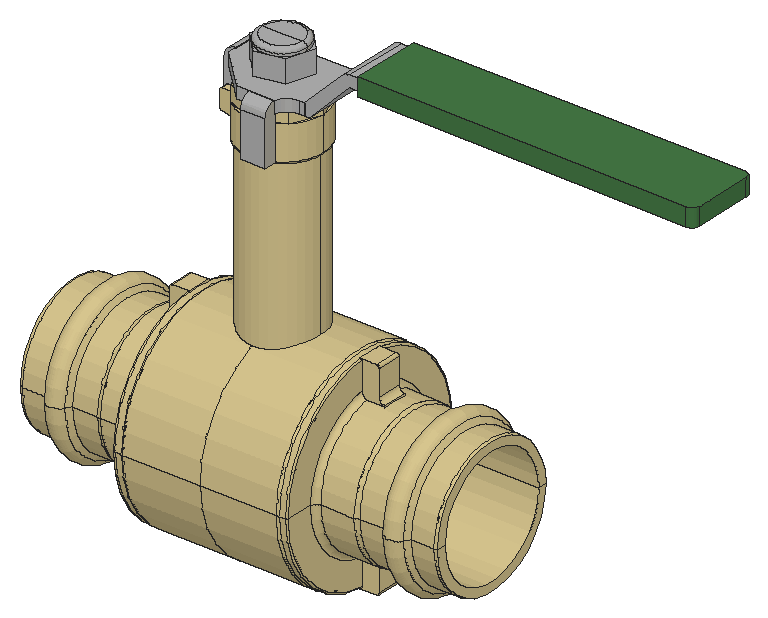
Revit family "QA12170000", category Apparecchi idraulici, Revit 2016
Family settings
  Tipo di parte = Normale
  Quota connettore circolare = Usa diametro
  Numero OmniClass = 23.45.00.00
  Titolo OmniClass = Sanitary, Laundry, and Cleaning Equipment
  Basato su piano di lavoro = No
  Sempre verticale = Sì
  Taglio con vuoti quando caricato = No
  Condiviso = No
  Punto di calcolo locali = No
Parameters
  URL = "https://web.cimberio.it/index.php/figura/1494?subcategoria_id=102"
  Produttore = "CIMBERIO SPA"
  Modello = "Cim 1224CRNL"
  DN Model [instance] = QA12175102 : QA12175102
  DN [instance] = 40 mm
Reference planes
  plane 1 "Centro (Fronte/Retro)": y = 0
  plane 2: z = 0
  plane 3 "Centro (Sinistra/Destra)": x = 0
Dimensions and locks
  aligned and locked: level to plane 2
Nested families
  nested 1: "QA12175102" at (0, 0, 0), type <- "DN Model", type "QA12175102"
    with DN 10 mm
  nested 2: "QA12175102" at (0, 0, 0), type <- "DN Model", type "QA12175102"
    with DN 10 mm
  nested 3: "QA12175102" at (0, 0, 0), type <- "DN Model", type "QA12175102"
    with DN 10 mm
  nested 4: "QA12175102" at (0, 0, 0), type <- "DN Model", type "QA12175102"
    with DN 10 mm
  nested 5: "QA12175102" at (0, 0, 0), type <- "DN Model", type "QA12175102"
    with DN 10 mm
  nested 6: "QA12175102" at (0, 0, 0), type <- "DN Model", type "QA12175102"
    with DN 10 mm
  nested 7: "QA12175102" at (0, 0, 0), type <- "DN Model", type "QA12175102"
    with DN 10 mm
  nested 8: "QA12175102" at (0, 0, 0), type <- "DN Model", type "QA12175102"
    with DN 10 mm
  nested 9: "QA12175102" at (0, 0, 0), type <- "DN Model", type "QA12175102"
    with DN 10 mm
Connectors
  piping at (71.25, 0, 0), diameter 40, driven by "DN"
    settings: on nested 1, index 1, connector inside diameter 609.6 mm, connector length 0 mm, flow factor 0, pipe flow 0.0 L/s, pressure drop 0.0 Pa, fitting loss kfactor 0, connector angle 0.00°, fixture units 0, engagement length 0 mm, angle of deflection 0.00°, flow configuration 0, flow direction 0, fitting loss method 0, system type 7, joint type 0, gender type 0, connector reference index -1, connector utility 0, adjustable connector no, is connector primary yes, connector description ""
  piping at (-71.15, 0, 0), diameter 40, driven by "DN"
    settings: on nested 1, index 2, connector inside diameter 609.6 mm, connector length 0 mm, flow factor 0, pipe flow 0.0 L/s, pressure drop 0.0 Pa, fitting loss kfactor 0, connector angle 0.00°, fixture units 0, engagement length 0 mm, angle of deflection 0.00°, flow configuration 0, flow direction 0, fitting loss method 0, system type 7, joint type 0, gender type 0, connector reference index -1, connector utility 0, adjustable connector no, is connector primary no, connector description ""
Definition of nested family "QA12175102"
  Parameters (values of type "QA12175102")
    DN [instance] = 10 mm  # constant formula
  Reference planes
    plane 1 "Centro (Fronte/Retro)": y = 0
    plane 2: z = 0
    plane 3 "Centro (Sinistra/Destra)": x = 0
  Forms (mm)
    Revolve 1, solid
      sketch origin (0, 0, 0) x (1, 0, 0) y (0, 1, 0)
        loop
          line (-70.25, 23.2) -> (-71.15, 23) -> (-71.15, 20) -> (71.25, 20) -> (71.25, 22.978) -> (70.25, 23.2) -> (62.253, 23.2) -> (61.215, 24.998)
          arc (61.215, 24.998) -> (57.751, 27) -> (54.286, 25) r 4
          line (54.286, 25) -> (53.247, 23.2) -> (44.747, 23.2)
          arc (44.747, 23.2) -> (43.972, 23.302) -> (43.25, 23.6) r 3
          line (43.25, 23.6) -> (31.75, 23.6)
          arc (31.75, 23.6) -> (30.336, 24.186) -> (29.75, 25.6) r 2
          line (29.75, 25.6) -> (29.75, 34.75)
          arc (29.75, 34.75) -> (29.516, 35.13) -> (29.086, 35.25) r 0.61
          line (29.086, 35.25) -> (27.024, 35.25) -> (26.255, 35.5) -> (0, 35.5) -> (-26.255, 35.5) -> (-27.024, 35.25) -> (-29.086, 35.25)
          arc (-29.086, 35.25) -> (-29.516, 35.13) -> (-29.75, 34.75) r 0.61
          line (-29.75, 34.75) -> (-29.75, 25.6)
          arc (-29.75, 25.6) -> (-30.336, 24.186) -> (-31.75, 23.6) r 2
          line (-31.75, 23.6) -> (-43.25, 23.6)
          arc (-43.25, 23.6) -> (-43.972, 23.302) -> (-44.747, 23.2) r 3
          line (-44.747, 23.2) -> (-53.247, 23.2) -> (-54.286, 25)
          arc (-54.286, 25) -> (-57.751, 27) -> (-61.215, 24.998) r 4
          line (-61.215, 24.998) -> (-62.253, 23.2) -> (-70.25, 23.2)
        axis (-71.15, 0) -> (71.25, 0)
      angle from 0 to 360
    Extrusion 2, solid
      sketch origin (0, 0, 0) x (1, 0, 0) y (0, 0, 1)
        loop
          line (-29.086, 35.25) -> (-34.75, 35.245)
          arc (-34.75, 35.245) -> (-35.457, 34.952) -> (-35.75, 34.245) r 1
          line (-35.75, 34.245) -> (-35.75, 25.589)
          arc (-35.75, 25.589) -> (-36.333, 24.181) -> (-37.74, 23.598) r 1.99
          line (-37.74, 23.598) -> (-37.74, 22.717) -> (-29.086, 22.717) -> (-29.086, 35.25)
        loop
          line (29.086, 35.25) -> (29.086, 22.717) -> (37.74, 22.717) -> (37.74, 23.598)
          arc (37.74, 23.598) -> (36.333, 24.181) -> (35.75, 25.589) r 1.99
          line (35.75, 25.589) -> (35.75, 34.245)
          arc (35.75, 34.245) -> (35.457, 34.952) -> (34.75, 35.245) r 1
          line (34.75, 35.245) -> (29.086, 35.25)
        loop
          line (-29.086, -35.25) -> (-29.086, -22.717) -> (-37.74, -22.717) -> (-37.74, -23.598)
          arc (-37.74, -23.598) -> (-36.333, -24.181) -> (-35.75, -25.589) r 1.99
          line (-35.75, -25.589) -> (-35.75, -34.245)
          arc (-35.75, -34.245) -> (-35.457, -34.952) -> (-34.75, -35.245) r 1
          line (-34.75, -35.245) -> (-29.086, -35.25)
        loop
          line (29.086, -35.25) -> (34.75, -35.245)
          arc (34.75, -35.245) -> (35.457, -34.952) -> (35.75, -34.245) r 1
          line (35.75, -34.245) -> (35.75, -25.589)
          arc (35.75, -25.589) -> (36.333, -24.181) -> (37.74, -23.598) r 1.99
          line (37.74, -23.598) -> (37.74, -22.717) -> (29.086, -22.717) -> (29.086, -35.25)
      from -4.856 to 3.437
    Revolve 3, solid
      sketch origin (0, 0, 0) x (1, 0, 0) y (0, 0, 1)
        loop
          line (0, 102.798) -> (-14, 102.798) -> (-14, 91.153)
          arc (-14, 91.153) -> (-13.617, 90.647) -> (-13, 90.498) r 0.942
          line (-13, 90.498) -> (-13, 28.482) -> (0, 28.482) -> (0, 102.798)
        axis (0, 102.798) -> (0, 28.482)
      angle from 0 to 360
    Extrusion 4, solid
      sketch origin (0, 0, 0) x (1, 0, 0) y (0, 0, 1)
        loop
          arc (-18.5, 100.798) -> (-18.854, 100.652) -> (-19, 100.298) r 0.5
          line (-19, 100.298) -> (-19, 94.74)
          arc (-19, 94.74) -> (-18.854, 94.31) -> (-18.476, 94.058) r 0.706
          line (-18.476, 94.058) -> (-13.908, 92.834) -> (-13.908, 100.798) -> (-18.5, 100.798)
      from 0 to 2.9
    Extrusion 5, solid
      sketch origin (0, 0, 28.55) x (1, 0, 0) y (0, 1, 0)
        loop
          line (0, 14) -> (-9.899, 9.899) -> (-14, 0) -> (-9.899, -9.899) -> (0, -14) -> (9.899, -9.899) -> (14, 0) -> (9.899, 9.899) -> (0, 14)
      from 74.248 to 79.248
    Revolve 6, solid
      sketch origin (0, 0, 0) x (1, 0, 0) y (0, 0, 1)
        loop
          line (0, 108.698) -> (-6, 108.698) -> (-6, 107.798) -> (0, 107.798) -> (0, 108.698)
        axis (0, 108.698) -> (0, 107.698)
      angle from 0 to 360
    Revolve 7, solid
      sketch origin (0, 0, 0) x (1, 0, 0) y (0, 0, 1)
        loop
          line (6.75, 122.698) -> (0, 122.698) -> (0, 120.398) -> (8.25, 120.398) -> (8.25, 121.198)
          arc (8.25, 121.198) -> (7.811, 122.259) -> (6.75, 122.698) r 1.5
        axis (0, 122.698) -> (0, 120.398)
      angle from 0 to 360
    Extrusion 8, solid
      sketch origin (0, 0, 0) x (1, 0, 0) y (0, 0, 1)
        loop
          arc (-16, 112.698) -> (-18.839, 111.537) -> (-20, 108.698) r 3.964
          line (-20, 108.698) -> (-20, 93.698) -> (-16, 93.698) -> (-16, 112.698)
      from -10 to 0
    Extrusion 9, solid
      sketch origin (0, 0, 28.55) x (1, 0, 0) y (0, 1, 0)
        loop
          line (-16, 10) -> (-16, -2.9) -> (-2.9, -16) -> (10.101, -16)
          arc (10.101, -16) -> (11.838, -13.127) -> (15, -12) r 5
          line (15, -12) -> (17, -12) -> (17, 10) -> (-16, 10)
      from 80.148 to 84.148
    Extrusion 10, solid
      sketch origin (0, 0, 0) x (1, 0, 0) y (0, 0, 1)
        loop
          line (17, 112.698) -> (17, 108.698)
          arc (17, 108.698) -> (18.531, 109.003) -> (19.828, 109.87) r 4
          line (19.828, 109.87) -> (32.657, 122.698) -> (36.005, 122.698) -> (36.005, 126.698) -> (32.657, 126.698)
          arc (32.657, 126.698) -> (31.126, 126.394) -> (29.828, 125.527) r 4
          line (29.828, 125.527) -> (17, 112.698)
      from -10 to 12
    Extrusion 11, solid
      sketch origin (0, 0, 28.55) x (1, 0, 0) y (0, 1, 0)
        loop
          line (2.815, 9.275) -> (-6.625, 7.075) -> (-9.44, -2.2) -> (-2.815, -9.275) -> (6.625, -7.075) -> (9.44, 2.2) -> (2.815, 9.275)
      from 84.148 to 91.848
    Extrusion 12, solid
      sketch origin (0, 0, 28.55) x (1, 0, 0) y (0, 1, 0)
        loop
          line (36.005, -13) -> (148.494, -13.491)
          arc (148.494, -13.491) -> (150.269, -12.762) -> (151.005, -10.991) r 2.5
          line (151.005, -10.991) -> (151.005, 8.98)
          arc (151.005, 8.98) -> (150.269, 10.755) -> (148.494, 11.491) r 2.511
          line (148.494, 11.491) -> (36.005, 11) -> (36.005, -13)
      from 93.148 to 99.148
    Extrusion 13, solid
      sketch origin (-11, 0, 0) x (0, 0, 1) y (0, 1, 0)
        loop
          line (112.698, -16) -> (93.698, -16) -> (93.698, -19.966) -> (108.733, -19.966)
          arc (108.733, -19.966) -> (111.537, -18.804) -> (112.698, -16) r 3.966
      from -21 to -12.6
  Dimensions and locks
    aligned and locked: level to plane 2
